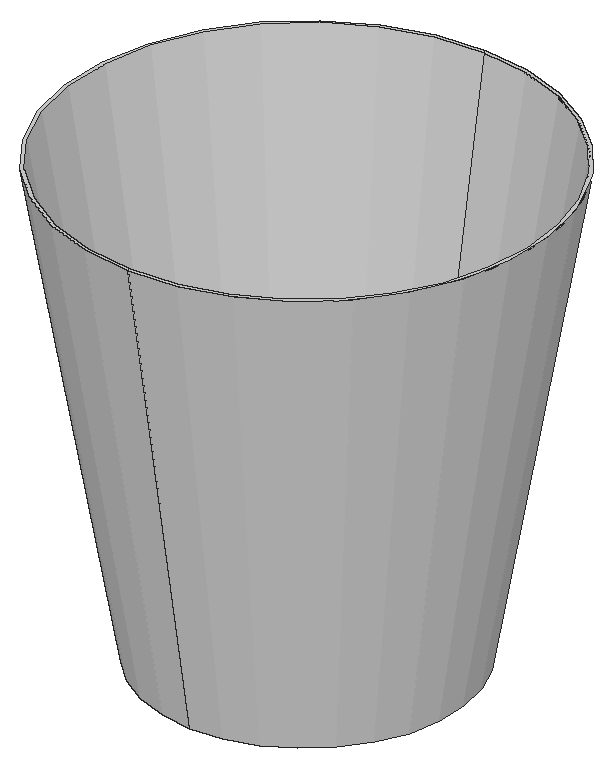
Revit family
Parameters (values of type "Wastebasket (1)")
  Keynote = "N"
  Assembly Code = ""
Reference planes
  plane 1 "Center F/B": y = 0
  plane 2: z = 0
  plane 3 "Center L/R": x = 0
Forms (mm)
  Revolve 1, solid, material "Plastic - Grey"
    sketch origin (0, 0, 0) x (0, 1, 0) y (0, 0, 1)
      loop
        line (0, 0) -> (152.4, 0) -> (234.264, 464.273) -> (231.04, 464.273) -> (150.296, 6.35) -> (0, 6.35) -> (0, 0)
      axis (0, 0) -> (0, 464.273)
    angle from 0 to 360
Lines and regions (mm)
  Masking region 1
    outline origin (0, 0, 0) x (1, 0, 0) y (0, 1, 0)
      loop
        circle (0, 0) r 234.264
Dimensions and locks
  Revolve 1 sketch curve to Revolve 1 sketch curve = 152.4 mm
  plane 1 "Center F/B" to Revolve 1 sketch curve = 231.04 mm
  Revolve 1 sketch curve to plane 2 = 464.273 mm
  aligned: Masking region 1 sketch curve to Revolve 1
